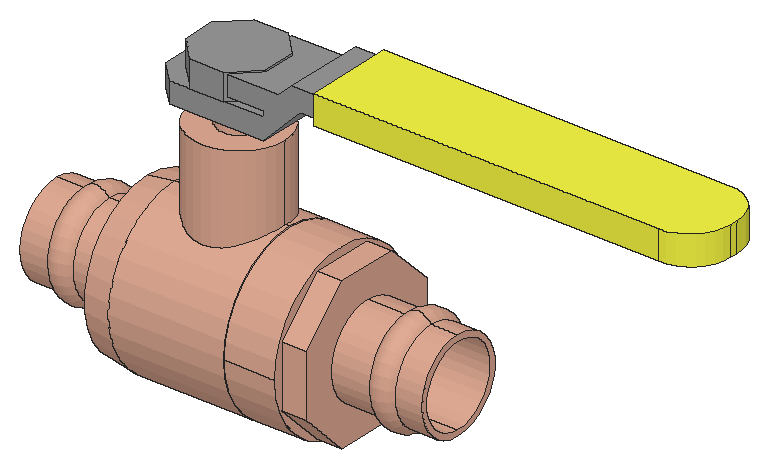
Revit family "430LHK-Ball-Valve", category Pipe Accessories, Revit 2018
Family settings
  Round Connector Dimension = Use Diameter
  Part Type = Valve - Breaks Into
  OmniClass Number = 23.60.30.11.14
  OmniClass Title = Pipework Fittings
  Work Plane-Based = No
  Always vertical = Yes
  Cut with Voids When Loaded = No
  Shared = No
Parameters
  X8 [instance] = size_lookup(LookupTable, "X8", 0.000", Nominal Diameter)  # 0.310"
  Weight [instance] = size_lookup(LookupTable, "Weight", "NA", Nominal Diameter)  # "0.49"
  URL = "http://www.fnw.com"
  Standards Lookup Table = "Standards"  # constant formula
  R4 [instance] = size_lookup(LookupTable, "R4", 0.000", Nominal Diameter)  # 0.585"
  Product ID Handle [instance] = size_lookup(LookupTable, "ProductIDHandle", "NA", Nominal Diameter)  # "2170895"
  Product ID [instance] = size_lookup(LookupTable, "ProductID", "NA", Nominal Diameter)  # "2379990"
  Pipe Diameter [instance] = size_lookup(Standards Lookup Table, "copper", 0.000", Nominal Diameter)  # 0.625"
  Part Number Handle [instance] = size_lookup(LookupTable, "PartNumberHandle", "NA", Nominal Diameter)  # "FNW420LHKBD"
  Part Number [instance] = size_lookup(LookupTable, "PartNumber", "NA", Nominal Diameter)  # "FNW430D"
  PIpe Radius [instance] = Pipe Diameter / 2  # 0.3125"
  Manufacturer = "FNW"  # constant formula
  Insert [instance] = size_lookup(LookupTable, "insert", 0.000", Nominal Diameter)  # 0.710"
  Description BOM Handle [instance] = size_lookup(LookupTable, "Description_BOMHandle", "NA", Nominal Diameter)  # "1/4 - 1/2 Locking Handle Kit 420/421 BV"
  Description BOM [instance] = size_lookup(LookupTable, "Description_BOM", "NA", Nominal Diameter)  # "Not For Potable Use 1/2 Brass PXP Full Port BV Water"
  D5 Half [instance] = D5 / 2  # 0.410"
  D5 [instance] = size_lookup(LookupTable, "D5", 0.000", Nominal Diameter)  # 0.820"
  D3_Half [instance] = D3 / 2  # 0.250"
  1_Z2 [instance] = size_lookup(LookupTable, "1_Z2", 0.000", Nominal Diameter)  # 0.1644"
  1_Z1 [instance] = size_lookup(LookupTable, "1_Z1", 0.000", Nominal Diameter)  # 0.29435"
  Z3 [instance] = size_lookup(LookupTable, "Z3", 0.000", Nominal Diameter)  # 0.20313"
  Z2 [instance] = size_lookup(LookupTable, "Z2", 0.000", Nominal Diameter)  # 1.400"
  Z1 [instance] = size_lookup(LookupTable, "Z1", 0.000", Nominal Diameter)  # 1.2356"
  1_Y1 [instance] = size_lookup(LookupTable, "1_Y1", 0.000", Nominal Diameter)  # 0.625"
  1_X4 [instance] = size_lookup(LookupTable, "1_X4", 0.000", Nominal Diameter)  # 0.44125"
  1_X1 [instance] = size_lookup(LookupTable, "1_X1", 0.000", Nominal Diameter)  # 0.8825"
  1_X3 [instance] = size_lookup(LookupTable, "1_X3", 0.000", Nominal Diameter)  # 3.860"
  X7 [instance] = size_lookup(LookupTable, "X7", 0.000", Nominal Diameter)  # 1.420"
  X6 [instance] = size_lookup(LookupTable, "X6", 0.000", Nominal Diameter)  # 0.195"
  X5 [instance] = size_lookup(LookupTable, "X5", 0.000", Nominal Diameter)  # 0.20014"
  X4 [instance] = size_lookup(LookupTable, "X4", 0.000", Nominal Diameter)  # 0.40028"
  X3 [instance] = size_lookup(LookupTable, "X3", 0.000", Nominal Diameter)  # 0.90092"
  X2 [instance] = size_lookup(LookupTable, "X2", 0.000", Nominal Diameter)  # 0.20867"
  1_X2 [instance] = size_lookup(LookupTable, "1_X2", 0.000", Nominal Diameter)  # 0.22076"
  X1 [instance] = size_lookup(LookupTable, "X1", 0.000", Nominal Diameter)  # 0.710"
  Show Lever Clearance [instance] = no
  R3 [instance] = size_lookup(LookupTable, "R3", 0.000", Nominal Diameter)  # 0.650"
  R2 [instance] = size_lookup(LookupTable, "R2", 0.000", Nominal Diameter)  # 0.6175"
  R1_Diam [instance] = R1 * 2  # 0.708"
  R1 [instance] = size_lookup(LookupTable, "R1", 0.000", Nominal Diameter)  # 0.354"
  Nominal Radius [instance] = Nominal Diameter / 2  # 0.250"
  Nominal Diameter [instance] = 0.500"
  LookupTable = "430LHK-Ball-Valve"  # constant formula
  HexAngle1 [instance] = 135.00°  # constant formula
  D3 [instance] = size_lookup(LookupTable, "D3", 0.000", Nominal Diameter)  # 0.500"
  D2 [instance] = size_lookup(LookupTable, "D2", 0.000", Nominal Diameter)  # 0.3125"
  D1 [instance] = size_lookup(LookupTable, "D1", 0.000", Nominal Diameter)  # 0.7181"
Reference planes (in)
  plane 1 "Center (Front/Back)": y = 0
  plane 2: z = 0
  plane 3 "Center (Left/Right)": x = 0
  plane 4 "X7 End": x = -1.42
  plane 5 "D1 Top": z = 1.2356
  plane 6 "D2 Top": z = 1.4
  plane 7: x = -0.71
  plane 8: x = -0.50133
  plane 9: x = 0.39959
  plane 10 "Face EXT": x = 0.79986
  plane 11: x = 1
  plane 12 "R3 Top": z = 0.65
  plane 13 "R2 Top": z = 0.6175
  plane 14 "R1 Top": z = 0.354
  plane 15 "Pipe radius": z = 0.3125
  plane 16 "NPT": x = -0.71
  plane 17 "NPT 2": x = 0.79986
  plane 18: x = 1.71
  plane 19 "X61": x = -1.2075
  plane 20: x = -1.0125
  plane 21 "X62": x = 1.3025
  plane 22: x = 1.4975
  plane 23: z = 1.5644
  plane 24: x = 1.4
  plane 25: x = -1.11
  plane 26: z = 1.76753
  plane 27: z = 0.41
  plane 28: x = -0.71
  plane 29: x = 1
Forms (in)
  Extrusion 1, solid, material "Copper_01"
    sketch origin (0, 0, 0) x (1, 0, 0) y (0, 1, 0)
      loop
        circle (0, 0) r 0.15625
    from 1.2356 to 1.4
  Extrusion 2, solid, material "Copper_01"
    sketch origin (0, 0, 0) x (0, 1, 0) y (0, 0, 1)
      loop
        circle (0, 0) r 0.65
      loop
        circle (0, 0) r 0.3125
    from 0.39959 to 0.79986
  Extrusion 3, solid, material "Copper_01"
    sketch origin (0, 0, 0.3125) x (-1, 0, 0) y (0, -1, 0)
      loop
        circle (0, 0) r 0.35905
    from 0 to 0.9231
  Extrusion 4, solid, material "Copper_01", not visible
    sketch origin (-0.71, 0, 0) x (0, 0, 1) y (0, -1, 0)
      loop
        circle (0, 0) r 0.25
    from 0 to 1.71
  Extrusion 5, solid, material "Copper_01"
    sketch origin (-0.71, 0, 0) x (0, 0, 1) y (0, -1, 0)
      loop
        circle (0, 0) r 0.354
      loop
        circle (0, 0) r 0.3125
    from -0.71 to 0
  Extrusion 6, solid, material "Copper_01"
    sketch origin (0.79986, 0, 0) x (0, 0, 1) y (0, -1, 0)
      loop
        line (-0.24231, -0.585) -> (0.24231, -0.585) -> (0.585, -0.24231) -> (0.585, 0.24231) -> (0.24231, 0.585) -> (-0.24231, 0.585) -> (-0.585, 0.24231) -> (-0.585, -0.24231) -> (-0.24231, -0.585)
      loop
        circle (0, 0) r 0.3125
    from 0 to 0.20014
  Revolve 7, solid, material "Copper_01"
    sketch origin (0, 0, 0) x (1, 0, 0) y (0, 0, 1)
      loop
        line (0.39959, 0.3125) -> (0.39959, 0.65) -> (-0.49763, 0.65) -> (-0.71, 0.6175) -> (-0.71, 0.3125) -> (0.39959, 0.3125)
      axis (-0.71, 0) -> (0.39959, 0)
    angle from 0 to 360
  Revolve 8, solid, material "Copper_01"
    sketch origin (0, 0, 0) x (1, 0, 0) y (0, 0, 1)
      loop
        line (-1.2075, 0.354) -> (-1.0125, 0.354)
        arc (-1.0125, 0.354) -> (-1.11, 0.40799) -> (-1.2075, 0.354) r 0.11503
      axis (-1.2075, 0) -> (-1.0125, 0)
    angle from 0 to 360
  Revolve 9, solid, material "Copper_01"
    sketch origin (0, 0, 0) x (1, 0, 0) y (0, 0, 1)
      loop
        line (1.3025, 0.354) -> (1.4975, 0.354)
        arc (1.4975, 0.354) -> (1.4, 0.40799) -> (1.3025, 0.354) r 0.11503
      axis (1.3025, 0) -> (1.4975, 0)
    angle from 0 to 360
  Extrusion 10, solid, material "Copper_01"
    sketch origin (-0.71, 0, 0) x (0, 0, 1) y (0, -1, 0)
      loop
        circle (0, 0) r 0.354
      loop
        circle (0, 0) r 0.3125
    from 1.71 to 2.42
Dimensions and locks (in)
  "X7": plane 4 "X7 End" to plane 3 "Center (Left/Right)"
  "Z1": plane 5 "D1 Top" to plane 2
  "Z2": plane 6 "D2 Top" to plane 2
  "X1": plane 4 "X7 End" to plane 7
  "X2": plane 8 to plane 7
  "X3": plane 9 to plane 8
  "X4": plane 10 "Face EXT" to plane 9
  "X5": plane 11 to plane 10 "Face EXT"
  "R3": plane 12 "R3 Top" to plane 2
  "R2": plane 13 "R2 Top" to plane 2
  "R1": plane 14 "R1 Top" to plane 2
  "PIpe Radius": plane 15 "Pipe radius" to plane 2
  "X1": plane 4 "X7 End" to plane 16 "NPT"
  "X5": plane 11 to plane 17 "NPT 2"
  "X1": plane 18 to plane 11
  "R4": Extrusion 6 sketch curve to plane 1 "Center (Front/Back)"
  "R4": plane 1 "Center (Front/Back)" to Extrusion 6 sketch curve  (x5)
  "R4": plane 2 to Extrusion 6 sketch curve  (x2)
  "1_Z2": plane 23 to plane 6 "D2 Top"
  equal spacing: plane 20, plane 25, plane 19 "X61"
  equal spacing: plane 22, plane 24, plane 21 "X62"
  "X6": plane 22 to plane 21 "X62"
  "X6": plane 20 to plane 19 "X61"
  "X8": plane 4 "X7 End" to plane 25
  "Z3": plane 26 to plane 23
  "D5 Half": plane 27 to plane 2
  "X8": plane 24 to plane 18
  "Insert": plane 29 to plane 18
  "Insert": plane 28 to plane 4 "X7 End"
  "D2": diameter of Extrusion 1 sketch curve
  "R3": radius of Extrusion 2 sketch curve
  "PIpe Radius": radius of Extrusion 2 sketch curve
  "D1": diameter of Extrusion 3 sketch curve
  "Nominal Radius": radius of Extrusion 4 sketch curve
  "R1": radius of Extrusion 5 sketch curve
  "PIpe Radius": radius of Extrusion 5 sketch curve
  "PIpe Radius": radius of Extrusion 6 sketch curve
  "R1": radius of Extrusion 10 sketch curve
  "PIpe Radius": radius of Extrusion 10 sketch curve
  angle Extrusion 6 sketch curve to Extrusion 6 sketch curve = 135.00°  (x7)
  aligned and locked: plane 2 to level
  aligned and locked: Extrusion 1 to plane 5 "D1 Top"
  aligned and locked: plane 6 "D2 Top" to Extrusion 1
  aligned and locked: Extrusion 2 to plane 9
  aligned and locked: plane 10 "Face EXT" to Extrusion 2
  aligned and locked: plane 5 "D1 Top" to Extrusion 3
  aligned and locked: plane 4 "X7 End" to Extrusion 5
  aligned and locked: Revolve 7 sketch curve to level
  aligned and locked: Revolve 8 sketch curve to plane 2
  aligned and locked: Revolve 8 sketch curve to plane 14 "R1 Top"
  aligned and locked: plane 20 to Revolve 8 sketch curve
  aligned and locked: plane 19 "X61" to Revolve 8 sketch curve
  aligned and locked: Revolve 9 sketch curve to plane 2
  aligned and locked: plane 21 "X62" to Revolve 9 sketch curve
  aligned and locked: plane 22 to Revolve 9 sketch curve
  aligned and locked: Revolve 9 sketch curve to plane 14 "R1 Top"
  aligned and locked: plane 7 to Extrusion 5
  aligned and locked: Extrusion 10 to plane 11
  aligned and locked: Extrusion 10 to plane 18
  aligned and locked: plane 11 to Extrusion 6
  aligned and locked: Extrusion 4 to plane 28
  aligned and locked: plane 29 to Extrusion 4
Automatic sketch dimensions
  Revolve 7 sketch curve to plane 7 = 0.000"
  Revolve 7 sketch curve to plane 12 "R3 Top" = 0.000"
  Revolve 7 sketch curve to plane 9 = 0.000"
  Revolve 7 sketch curve to plane 15 "Pipe radius" = 0.000"
  Revolve 7 sketch curve to plane 13 "R2 Top" = 0.000"
  plane 8 to Revolve 7 sketch curve = 0.0037"
  plane 4 "X7 End" to Revolve 7 sketch curve = 0.1481"
  plane 7 to Revolve 7 sketch curve = 0.02483"
  Revolve 8 sketch curve to plane 15 "Pipe radius" = 0.01954"
  plane 4 "X7 End" to Revolve 8 sketch curve = 1.24841"
  plane 20 to Revolve 8 sketch curve = 0.10444"
  Revolve 9 sketch curve to plane 15 "Pipe radius" = 0.01954"
  Revolve 9 sketch curve to plane 11 = 0.01599"
  Revolve 9 sketch curve to plane 18 = 1.73101"
  plane 1 "Center (Front/Back)" to Extrusion 1 sketch curve = 0.000"
  Extrusion 1 sketch curve to plane 3 "Center (Left/Right)" = 0.000"
  Extrusion 2 sketch curve to Extrusion 2 sketch curve = 0.000"  (x2)
  Extrusion 2 sketch curve to level = 0.000"
  Extrusion 2 sketch curve to plane 1 "Center (Front/Back)" = 0.000"
  plane 1 "Center (Front/Back)" to Extrusion 3 sketch curve = 0.000"
  Extrusion 3 sketch curve to plane 3 "Center (Left/Right)" = 0.000"
  Extrusion 4 sketch curve to level = 0.000"
  Extrusion 4 sketch curve to plane 1 "Center (Front/Back)" = 0.000"
  Extrusion 5 sketch curve to Extrusion 5 sketch curve = 0.000"  (x2)
  Extrusion 5 sketch curve to level = 0.000"
  Extrusion 5 sketch curve to plane 1 "Center (Front/Back)" = 0.000"
  Extrusion 6 sketch curve to level = 0.000"
  Extrusion 6 sketch curve to plane 1 "Center (Front/Back)" = 0.000"
  Extrusion 10 sketch curve to Extrusion 10 sketch curve = 0.000"  (x2)
  Extrusion 10 sketch curve to level = 0.000"
  Extrusion 10 sketch curve to plane 1 "Center (Front/Back)" = 0.000"
Nested families (in)
  nested 1: "Nested Lever Lock_430A" at (0, 0, 1.4), Show Lever Clearance <- "Show Lever Clearance", D3 <- "D3", Z3 <- "Z3", 1_X1 <- "1_X1", 1_X2 <- "1_X2", 1_X4 <- "1_X4", 1_Y1 <- "1_Y1", 1_Z1 <- "1_Z1", 1_Z2 <- "1_Z2", 1_X3 <- "1_X3", Description BOM <- "Description BOM Handle", Part Number <- "Part Number Handle", Product ID <- "Part Number Handle", type "Nested Lever Lock_430A"
    with Z3 0.20313", Z1_Z2 0.22937", Void_Outer_Radius 0.375", Void_Outer 0.750", Tab_Width 0.375", Tab_Height_Center 0.14718", Tab Lock 0.19565", Show Lever Clearance no, Product ID "FNW420LHKBD", Part Number "FNW420LHKBD", Lock_Tab_Width 0.875", Hypotenuse_Tab_Center 0.18397", Grip_L3 0.2269", Grip_L2 0.19565", Grip_L1 0.03125", Description BOM "1/4 - 1/2 Locking Handle Kit 420/421 BV", D3_Half 0.16667", D3 0.500", Clearance Hieght 6.000", Angle Hex Head 135.00°, Ang_Constraint 39.81°, 1_Z2_Half 0.0822", 1_Z2 0.1644", 1_Z1_Quarter 0.15579", 1_Z1 0.29435", 1_Y1_Half 0.3125", 1_Y1 0.625", 1_X6_Half 1.000", 1_X6 1.000", 1_X4 0.44125", 1_X3_and_1__Y1_Half 4.1725", 1_X3 3.860", 1_X2_Quarter 0.05519", 1_X2_Half 0.11038", 1_X2 0.22076", 1_X1 0.8825", 0Grip 2.125"
Connectors (in)
  piping at (-0.71, 0, 0), diameter 0.5, driven by "Nominal Diameter"
    settings: on Extrusion 4, index 1, connector inside diameter 24", connector length 0.000", flow factor 0, pipe flow 0 GPM, pressure drop 0.00 psi, fitting loss kfactor 0, connector angle 0.00°, fixture units 0, engagement length 0.000", angle of deflection 0.00°, flow configuration 0, flow direction 0, fitting loss method 0, system type 7, joint type 0, gender type 0, connector reference index 2, connector utility 0, adjustable connector no, is connector primary yes, connector description ""
  piping at (1, 0, 0), diameter 0.5, driven by "Nominal Diameter"
    settings: on Extrusion 4, index 2, connector inside diameter 24", connector length 0.000", flow factor 0, pipe flow 0 GPM, pressure drop 0.00 psi, fitting loss kfactor 0, connector angle 0.00°, fixture units 0, engagement length 0.000", angle of deflection 0.00°, flow configuration 0, flow direction 0, fitting loss method 0, system type 7, joint type 0, gender type 0, connector reference index 1, connector utility 0, adjustable connector no, is connector primary no, connector description ""
Definition of nested family "Nested Lever Lock_430A"
  Parameters (values of type "Nested Lever Lock_430A")
    Z3 [instance] = 0.125"
    Z1_Z2 [instance] = ([1_Z1] + [1_Z2]) / 2  # 0.6875"
    Tab_Width [instance] = [1_Y1_Half] + (Grip_L1 * 2)  # 1.0625"
    Tab_Height_Center [instance] = [1_Z1] / 2  # 0.625"
    Tab Lock [instance] = [1_Z2] + 0.03125"  # 0.15625"
    Product ID [instance] = ""
    Part Number [instance] = ""
    Lock_Tab_Width [instance] = [1_Y1] + 0.250"  # 2.250"
    Hypotenuse_Tab_Center [instance] = sqrt(Tab_Height_Center ^ 2 + [1_X2_Half] ^ 2)  # 0.97628"
    Description BOM [instance] = ""
    Angle 2 = 45.00°  # constant formula
    Ang_Constraint [instance] = 39.81°  # constant formula
    1_Z2_Half [instance] = [1_Z2] / 2  # 0.0625"
    1_Z2 [instance] = 0.125"
    1_Z1_Quarter [instance] = [1_Z1] / 4 + ([1_Z2_Half])  # 0.375"
    1_Z1 [instance] = 1.250"
    1_Y1_Half [instance] = [1_Y1] / 2  # 1.000"
    1_Y1 [instance] = 2.000"
    1_X6_Half [instance] = [1_X6]  # 1.000"
    1_X6 [instance] = 1.000"
    1_X2_Quarter [instance] = [1_X2] / 4  # 0.375"
    1_X2_Half [instance] = [1_X2] / 2  # 0.750"
    1_X1 [instance] = 2.500"
    1_X3_and_1__Y1_Half [instance] = [1_X3] + [1_Y1_Half]  # 13.66198"
    1_X3 [instance] = 12.66198"
    1_X2 [instance] = 1.500"
    Void_Outer_Radius [instance] = Void_Outer / 2  # 1.0625"
    Void_Outer [instance] = [1_Y1] + Grip_L1 * 4  # 2.125"
    Show Lever Clearance [instance] = yes
    Grip_L3 [instance] = Grip_L1 + Grip_L2  # 0.1875"
    Grip_L1 [instance] = 0.03125"  # constant formula
    Grip_L2 [instance] = [1_Z2] + Grip_L1  # 0.15625"
    Default Elevation = 48.000"
    D3_Half [instance] = D3 / 3  # 0.23251"
    D3 [instance] = 0.69752"
    Clearance Hieght [instance] = 6.000"  # constant formula
    Angle Hex Head [instance] = 135.00°  # constant formula
    1_X4 [instance] = 1.000"
    0Grip [instance] = 2.125"  # constant formula
  Reference planes (in)
    plane 1 "Center (Front/Back)": y = 0
    plane 2: z = 0
    plane 3 "Center (Left/Right)": x = 0
    plane 4: z = 0.125
    plane 5: x = -1
    plane 6: x = 12.66198
    plane 7: y = 1
    plane 8: y = -1
    plane 9: x = 1.5
    plane 10: x = 3
    plane 11: z = 1.375
    plane 12: z = 1.25
    plane 13: z = 0.25
    plane 14: z = 1.40625
    plane 15: z = 1.21875
    plane 16: x = 3.15625
    plane 17: y = 1.03125
    plane 18: y = -1.03125
    plane 19: z = -1.125
    plane 20: y = 0.5
    plane 21: y = -0.5
    plane 22: x = -1.125
    plane 23: x = 2.25
    plane 24: x = 1.875
    plane 25: x = 0.23251
    plane 26: z = 0.28125
  Forms (in)
    Extrusion 1, solid
      sketch origin (0, 0, 0) x (1, 0, 0) y (0, 1, 0)
        loop
          line (-48, 48) -> (-48, -48) -> (48, -48) -> (48, 48) -> (-48, 48)
      from 0 to -12
    Extrusion 2, solid
      sketch origin (0, 0, 0) x (1, 0, 0) y (0, 0, 1)
        loop
          line (1.64878, 0.28125) -> (0.23251, 0.28125) -> (0.23251, 0.16925) -> (1.5, 0.16925) -> (1.5, 0) -> (3.04425, 1.25) -> (4.15625, 1.25) -> (4.15625, 1.375) -> (3, 1.375) -> (1.64878, 0.28125)
      from -1 to 1
    Extrusion 3, solid
      sketch origin (0, 0, 0) x (1, 0, 0) y (0, 1, 0)
        loop
          line (1, 0.41421) -> (0.41421, 1) -> (-0.41421, 1) -> (-1, 0.41421) -> (-1, -0.41421) -> (-0.41421, -1) -> (0.41421, -1) -> (1, -0.41421) -> (1, 0.41421)
      from 0.125 to 0.25
    Extrusion 4, solid
      sketch origin (0, 0, 0) x (1, 0, 0) y (0, 1, 0)
        loop
          line (11.66198, 1.03125) -> (3.15625, 1.03125) -> (3.15625, -1.03125) -> (11.66198, -1.03125)
          arc (11.66198, -1.03125) -> (12.36908, -0.73836) -> (12.66198, -0.03125) r 1
          line (12.66198, -0.03125) -> (12.66198, 0.03125)
          arc (12.66198, 0.03125) -> (12.36908, 0.73836) -> (11.66198, 1.03125) r 1
      from 1.21875 to 1.40625
    Extrusion 5, solid, visible <- "Show Lever Clearance"
      sketch origin (0, 0, 0) x (1, 0, 0) y (0, 1, 0)
        loop
          line (-1, 1) -> (-1, -12.66198)
          arc (-1, -12.66198) -> (8.66048, -8.66048) -> (12.66198, 1) r 13.66198
          line (12.66198, 1) -> (-1, 1)
      from 0 to 6 <- "Clearance Hieght"
    Extrusion 6, solid
      sketch origin (0, 0, 0) x (1, 0, 0) y (0, 1, 0)
        loop
          line (1.5, -1) -> (1.5, 1) -> (-0.5, 1) -> (-1, 0.5) -> (-1, -0.5) -> (-0.5, -1) -> (1.5, -1)
      from 0 to 0.125
  Cuts and joins
    joined: Extrusion 2, Extrusion 6
  Lines and regions (in)
    reference lines
      curve 1: line (0, 0, 3.39657) -> (0, 0, -1.625)
  Dimensions and locks (in)
    "1_Z2": plane 4 to plane 2
    "1_X4": plane 3 "Center (Left/Right)" to plane 5
    "1_X3": plane 6 to plane 3 "Center (Left/Right)"
    equal spacing: plane 7, plane 1 "Center (Front/Back)", plane 8
    "1_Y1": plane 7 to plane 8
    "1_X1": plane 9 to plane 5
    "1_X2": plane 10 to plane 9
    "1_Z1": plane 11 to plane 4
    "1_Z2": plane 11 to plane 12
    equal spacing: Extrusion 3 sketch curve, curve 1, Extrusion 3 sketch curve  (x4)
    "1_Y1": Extrusion 3 sketch curve to Extrusion 3 sketch curve  (x4)
    "Z3": plane 13 to plane 4
    "Grip_L1": plane 14 to plane 11
    "Grip_L2": plane 11 to plane 15
    "Grip_L2": plane 16 to plane 10
    "Grip_L1": plane 8 to plane 18
    "Grip_L1": plane 17 to plane 7
    "1_Y1_Half": plane 16 to Extrusion 2
    "1_X3_and_1__Y1_Half": Extrusion 5 sketch curve to Extrusion 5 sketch curve  (x2)
    equal spacing: Extrusion 6 sketch curve, plane 1 "Center (Front/Back)", Extrusion 6 sketch curve
    "1_Y1_Half": Extrusion 6 sketch curve to Extrusion 6 sketch curve
    equal spacing: plane 21, plane 1 "Center (Front/Back)", plane 20
    "1_Y1_Half": plane 21 to plane 20
    "1_Z2": plane 5 to plane 22
    "1_X2_Half": plane 23 to plane 9
    "1_X2_Quarter": plane 24 to plane 9
    "D3_Half": plane 25 to plane 3 "Center (Left/Right)"
    "1_Z2": Extrusion 2 sketch curve to Extrusion 2 sketch curve
    "Tab Lock": plane 26 to plane 4
    "1_Y1_Half": radius of Extrusion 4 sketch curve  (x2)
    "1_X3_and_1__Y1_Half": radius of Extrusion 5 sketch curve
    "Angle Hex Head": angle Extrusion 3 sketch curve to Extrusion 3 sketch curve  (x6)
    "Angle 2": angle plane 5 to Extrusion 6 sketch curve
    "Angle 2": angle Extrusion 6 sketch curve to plane 5
    aligned and locked: plane 2 to Extrusion 1
    aligned and locked: level to Extrusion 1
    aligned and locked: plane 10 to Extrusion 2 sketch curve
    aligned and locked: plane 12 to Extrusion 2 sketch curve
    aligned and locked: plane 11 to Extrusion 2 sketch curve
    aligned and locked: curve 1 to plane 3 "Center (Left/Right)"
    aligned and locked: plane 4 to Extrusion 3
    aligned and locked: Extrusion 3 to plane 13
    aligned and locked: Extrusion 4 sketch curve to plane 16
    aligned and locked: Extrusion 4 sketch curve to plane 18
    aligned and locked: plane 17 to Extrusion 4 sketch curve
    aligned and locked: Extrusion 4 to plane 15
    aligned and locked: Extrusion 4 to plane 14
    aligned and locked: Extrusion 2 to plane 8
    aligned and locked: plane 7 to Extrusion 2
    aligned and locked: Extrusion 2 sketch curve to plane 9
    aligned and locked: plane 9 to Extrusion 6 sketch curve
    aligned and locked: Extrusion 6 sketch curve to plane 5
    aligned and locked: Extrusion 6 to plane 4
    aligned and locked: Extrusion 2 sketch curve to plane 25
    aligned and locked: Extrusion 2 to plane 26
  Automatic sketch dimensions
    Extrusion 1 sketch curve to Extrusion 1 sketch curve = 96.000"  (x2)
    plane 19 to curve 1 = 0.500"
    plane 14 to curve 1 = 1.99032"
    Extrusion 2 sketch curve to plane 26 = 0.000"
    Extrusion 2 sketch curve to level = 0.000"
    plane 16 to Extrusion 2 sketch curve = 1.000"
    Extrusion 2 sketch curve to plane 4 = 0.04425"
    Extrusion 4 sketch curve to plane 6 = 0.000"
    Extrusion 5 sketch curve to plane 5 = 0.000"
    Extrusion 5 sketch curve to plane 7 = 0.000"
    Extrusion 6 sketch curve to plane 8 = 0.000"
    Extrusion 6 sketch curve to plane 7 = 0.000"
